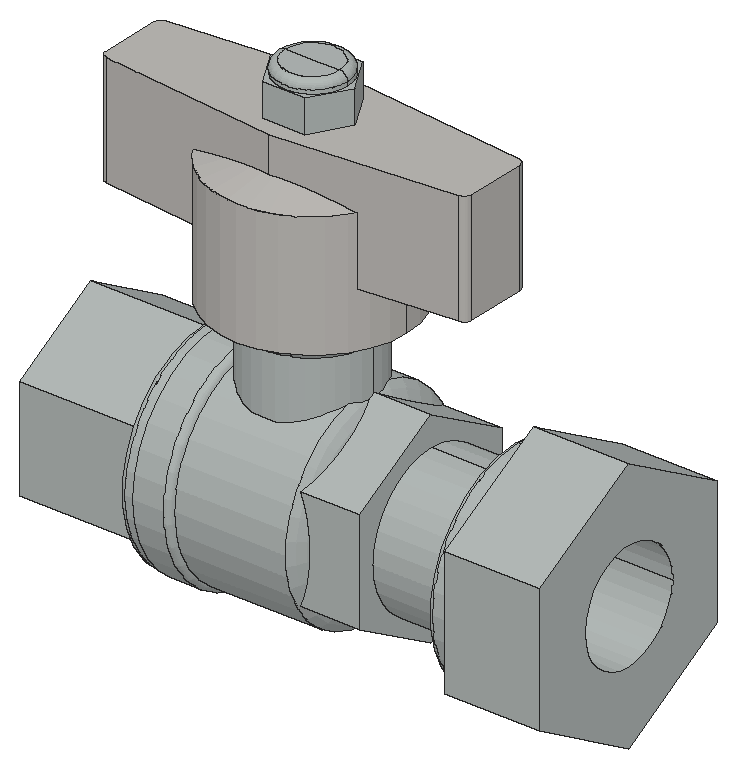
Revit family "QD00870000", category Apparecchi idraulici, Revit 2020
Family settings
  Quota connettore circolare = Usa diametro
  Tipo di parte = Normale
  Numero OmniClass = 23.45.00.00
  Titolo OmniClass = Sanitary, Laundry, and Cleaning Equipment
  Basato su piano di lavoro = No
  Sempre verticale = Sì
  Taglio con vuoti quando caricato = No
  Condiviso = No
  Punto di calcolo locali = No
Parameters
  URL = "https://web.cimberio.com/index.php/figura/1311?subcategoria_id=54188"
  Temperatura di esercizio = "-20 ÷ 150°C"
  Prospetto di default = 0 mm
  Produttore = "CIMBERIO SPA"
  Pressione nominale = "PN 80 (DN15); PN 50 (DN20-25); PN 40 (DN32); PN 32 (DN40-50)"
  Modello = "Cim 204/OT1F21"
  Materiale = "Prodotto in lega di ottone conforme alla norma EN 12165-CW617N-DW"
  Descrizione = "Realizzato in ottemperanza ai requisiti gestionali della norma EN ISO 9001.\r\nUtilizzato per la regolazione della temperatura degli ambienti e comandare apparecchi degli impianti di riscaldamento e condizionamento."
  DN Model [instance] = QD00872103 : QD00872103
  DN [instance] = 15 mm
  Commenti sul tipo = "Utilizzato nei più svariati settori dell'impiantistica: reti di distribuzione acqua potabile, impianti di riscaldamento, condizionamento, igienico-sanitari e in generale con ogni fluido non corrosivo"
Reference planes
  plane 1 "Centro (Fronte/Retro)": y = 0
  plane 2: z = 0
  plane 3 "Centro (Sinistra/Destra)": x = 0
Dimensions and locks
  aligned and locked: level to plane 2
Nested families
  nested 1: "QD00872103" at (0, 0, 0), type <- "DN Model", type "QD00872103"
  nested 2: "QD00872103" at (0, 0, 0), type <- "DN Model", type "QD00872103"
  nested 3: "QD00872103" at (0, 0, 0), type <- "DN Model", type "QD00872103"
  nested 4: "QD00872103" at (0, 0, 0), type <- "DN Model", type "QD00872103"
  nested 5: "QD00872103" at (0, 0, 0), type <- "DN Model", type "QD00872103"
  nested 6: "QD00872103" at (0, 0, 0), type <- "DN Model", type "QD00872103"
  nested 7: "QD00872103" at (0, 0, 0), type <- "DN Model", type "QD00872103"
  nested 8: "QD00872103" at (0, 0, 0), type <- "DN Model", type "QD00872103"
  nested 9: "QD00872103" at (0, 0, 0), type <- "DN Model", type "QD00872103"
  nested 10: "QD00872103" at (0, 0, 0), type <- "DN Model", type "QD00872103"
Connectors
  piping at (43.182, 0, 0), diameter 15, driven by "DN"
    settings: on nested 1, index 1, connector inside diameter 609.6 mm, connector length 0 mm, flow factor 0, pipe flow 0.0 L/s, pressure drop 0.0 Pa, fitting loss kfactor 0, connector angle 0.00°, fixture units 0, engagement length 0 mm, angle of deflection 0.00°, flow configuration 0, flow direction 0, fitting loss method 0, system type 7, joint type 0, gender type 0, connector reference index -1, connector utility 0, adjustable connector no, is connector primary yes, connector description ""
  piping at (-30.318, 0, 0), diameter 15, driven by "DN"
    settings: on nested 1, index 2, connector inside diameter 609.6 mm, connector length 0 mm, flow factor 0, pipe flow 0.0 L/s, pressure drop 0.0 Pa, fitting loss kfactor 0, connector angle 0.00°, fixture units 0, engagement length 0 mm, angle of deflection 0.00°, flow configuration 0, flow direction 0, fitting loss method 0, system type 7, joint type 0, gender type 0, connector reference index -1, connector utility 0, adjustable connector no, is connector primary no, connector description ""
Definition of nested family "QD00872103"
  Parameters (values of type "QD00102103")
    URL = "https://web.cimberio.it/index.php/figura/394?subcategoria_id="
    Temperatura di esercizio = "-10 ÷ 95°C"
    Default Elevation = 0 mm
    Manufacturer = "CIMBERIO SPA"
    Pressione nominale = "PN 16"
    Model = "Cim 32"
    Materiale = "Prodotto in lega di ottone conforme alla norma EN 12165-CW617N-DW"
    Description = "Impiegato nei più svariati settori dell'impiantistica in condutture anti-ritorno per: reti di distribuzione acqua potabile, impianti di riscaldamento, condizionamento, igienico-sanitari e in generale con ogni fluido non corrosivo."
    Type Comments = "Realizzato in ottemperanza ai requisiti gestionali della norma EN ISO 9001.\r\nCollaudato al 100% secondo la normativa EN 12266-1"
  Reference planes
    plane 1 "Centro (Fronte/Retro)": y = 0
    plane 2: z = 0
    plane 3 "Centro (Sinistra/Destra)": x = 0
  Forms (mm)
    Revolve 1, solid
      sketch origin (0, 0, 0) x (1, 0, 0) y (0, 0, 1)
        loop
          line (-12.6, 14.75) -> (-13.886, 14.75)
          arc (-13.886, 14.75) -> (-14.391, 14.541) -> (-14.6, 14.036) r 0.714
          line (-14.6, 14.036) -> (-14.6, 7.5) -> (-12.6, 7.5) -> (-12.6, 14.75)
        axis (-14.6, 0) -> (-12.6, 0)
      angle from 0 to 360
    Revolve 2, solid
      sketch origin (0, 0, 0) x (1, 0, 0) y (0, 0, 1)
        loop
          line (-12.6, -15) -> (-8.453, -15)
          arc (-8.453, -15) -> (-7.862, -14.806) -> (-7.5, -14.3) r 1
          line (-7.5, -14.3) -> (7.7, -14.3)
          arc (7.7, -14.3) -> (9.549, -11.151) -> (9.473, -7.5) r 6.705
          line (9.473, -7.5) -> (-12.6, -7.5) -> (-12.6, -15)
        axis (-12.6, 0) -> (9.473, 0)
      angle from 0 to 360
    Extrusion 3, solid
      sketch origin (0, 0, 0) x (0, 1, 0) y (0, 0, 1)
        loop
          circle (0, 0) r 7.5
        loop
          line (0, 14) -> (-12.124, 7) -> (-12.124, -7) -> (0, -14) -> (12.124, -7) -> (12.124, 7) -> (0, 14)
      from 7.682 to 16.151
    Extrusion 4, solid
      sketch origin (-38, 0, 0) x (0, 1, 0) y (0, 0, 1)
        loop
          circle (0, 0) r 7.5
        loop
          line (0, 14) -> (-12.124, 7) -> (-12.124, -7) -> (0, -14) -> (12.124, -7) -> (12.124, 7) -> (0, 14)
      from 7.682 to 23.4
    Revolve 5, solid
      sketch origin (0, 0, 0) x (1, 0, 0) y (0, 0, 1)
        loop
          line (26, 10) -> (16.151, 10) -> (16.151, 7.5) -> (28.182, 7.5) -> (28.182, 11.1) -> (27.136, 11.1)
          arc (27.136, 11.1) -> (26.695, 10.419) -> (26, 10) r 1.808
        axis (16.151, 0) -> (28.182, 0)
      angle from 0 to 360
    Revolve 6, solid
      sketch origin (-3.018, 0, 0) x (1, 0, 0) y (0, 0, 1)
        loop
          line (30.7, 7.5) -> (33.2, 7.5) -> (33.2, 14.772) -> (31.2, 14.772)
          arc (31.2, 14.772) -> (30.847, 14.626) -> (30.7, 14.272) r 0.5
          line (30.7, 14.272) -> (30.7, 7.5)
        axis (30.7, 0) -> (33.2, 0)
      angle from 0 to 360
    Extrusion 7, solid
      sketch origin (0, 0, 0) x (0, 1, 0) y (0, 0, 1)
        loop
          circle (0, 0) r 7.5
        loop
          line (0, 17.4) -> (-15.069, 8.7) -> (-15.069, -8.7) -> (0, -17.4) -> (15.069, -8.7) -> (15.069, 8.7) -> (0, 17.4)
      from 30.182 to 43.182
    Revolve 8, solid
      sketch origin (0, 0, 0) x (1, 0, 0) y (0, 0, 1)
        loop
          line (-9, 26.168) -> (-9, 20.867)
          arc (-9, 20.867) -> (-8.866, 20.366) -> (-8.5, 20) r 1
          line (-8.5, 20) -> (-8.5, 11.674) -> (-0.999, 11.674) -> (-0.999, 26.168) -> (-9, 26.168)
        axis (-0.063, 26.168) -> (-0.063, 11.674)
      angle from 0 to 360
    Revolve 9, solid
      sketch origin (0, 0, 0) x (1, 0, 0) y (0, 0, 1)
        loop
          line (-12.882, 22.8) -> (0, 22.8) -> (0, 41.574)
          arc (0, 41.574) -> (-6.528, 41.282) -> (-12.882, 39.754) r 34.224
          line (-12.882, 39.754) -> (-12.882, 22.8)
        axis (0, 41.574) -> (0, 22.8)
      angle from 0 to 360
    Revolve 10, solid
      sketch origin (0, 0, 0) x (1, 0, 0) y (0, 0, 1)
        loop
          line (0, 49.392) -> (4.75, 49.392) -> (4.75, 50.768)
          arc (4.75, 50.768) -> (4.448, 51.498) -> (3.718, 51.8) r 1.032
          line (3.718, 51.8) -> (0, 51.8) -> (0, 49.392)
        axis (0, 51.8) -> (0, 49.392)
      angle from 0 to 360
    Extrusion 11, solid
      sketch origin (0, 0, 0) x (1, 0, 0) y (0, 1, 0)
        loop
          line (5.771, 0) -> (2.886, 4.998) -> (-2.886, 4.998) -> (-5.771, 0) -> (-2.886, -4.998) -> (2.886, -4.998) -> (5.771, 0)
      from 45.8 to 50.3
    Extrusion 12, solid
      sketch origin (0, 0, 0) x (1, 0, 0) y (0, 1, 0)
        loop
          arc (-24.099, 5.09) -> (-24.741, 4.766) -> (-25, 4.095) r 1
          line (-25, 4.095) -> (-25, -4.095)
          arc (-25, -4.095) -> (-24.741, -4.766) -> (-24.099, -5.09) r 1
          line (-24.099, -5.09) -> (0, -7.495) -> (24.099, -5.09)
          arc (24.099, -5.09) -> (24.741, -4.766) -> (25, -4.095) r 1
          line (25, -4.095) -> (25, 4.095)
          arc (25, 4.095) -> (24.741, 4.766) -> (24.099, 5.09) r 1
          line (24.099, 5.09) -> (0, 7.495) -> (-24.099, 5.09)
      from 30.493 to 45.822
  Dimensions and locks
    aligned and locked: level to plane 2
